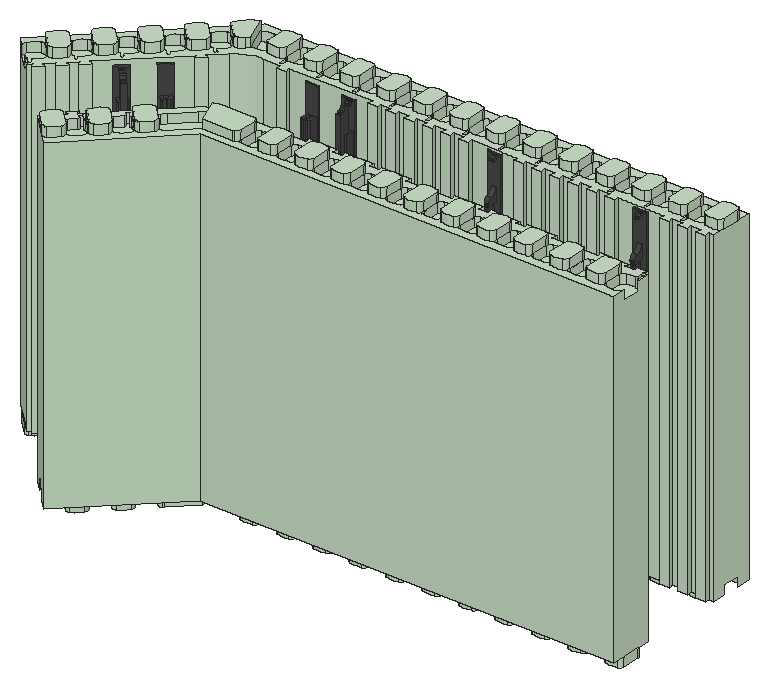
Revit family "ICF- NUDURA 4-inch- 45 Degree Form Unit- Imperial", category Generic Models, Revit 2011 (continued)
Definition of nested family "NUDURA Logo Diamond"
  Lines and regions (in)
    model lines
      curve 82: line (12.17421, 0, 1.28388) -> (12.52777, 0, 0.93033)
      curve 83: line (11.46711, 0, 0.93033) -> (11.82066, 0, 1.28388)
      curve 84: arc (11.3964, 0, 0.50607) -> (11.29388, 0, 0.75355) -> (11.3964, 0, 1.00104) r 0.35
      curve 85: arc (11.74995, 0, 0.15251) -> (11.99744, 0, 0.05) -> (12.24492, 0, 0.15251) r 0.35
      curve 86: arc (11.46711, 0, 0.57678) -> (11.39388, 0, 0.75355) -> (11.46711, 0, 0.93033) r 0.25
      curve 87: arc (12.52777, 0, 0.57678) -> (12.60099, 0, 0.75355) -> (12.52777, 0, 0.93033) r 0.25
      curve 88: arc (12.17421, 0, 1.28388) -> (11.99744, 0, 1.35711) -> (11.82066, 0, 1.28388) r 0.25
      curve 89: arc (11.82066, 0, 0.22322) -> (11.99744, 0, 0.15) -> (12.17421, 0, 0.22322) r 0.25
      curve 90: arc (12.59848, 0, 0.50607) -> (12.70099, 0, 0.75355) -> (12.59848, 0, 1.00104) r 0.35
      curve 91: arc (11.63374, 0, 1.23839) -> (11.74358, 0, 1.50355) -> (11.63374, 0, 1.76872) r 0.375
      curve 92: arc (12.36113, 0, 1.23839) -> (12.2513, 0, 1.50355) -> (12.36113, 0, 1.76872) r 0.375
      curve 93: line (12.36113, 0, 2.73839) -> (12.59848, 0, 2.50104)
      curve 94: line (11.3964, 0, 2.50104) -> (11.63374, 0, 2.73839)
      curve 95: line (11.82066, 0, 1.72322) -> (11.46711, 0, 2.07678)
      curve 96: line (12.52777, 0, 2.07678) -> (12.17421, 0, 1.72322)
      curve 97: line (12.17421, 0, 2.78388) -> (12.52777, 0, 2.43033)
      curve 98: line (11.46711, 0, 2.43033) -> (11.82066, 0, 2.78388)
      curve 99: arc (11.3964, 0, 2.00607) -> (11.29388, 0, 2.25355) -> (11.3964, 0, 2.50104) r 0.35
      curve 100: arc (11.46711, 0, 2.07678) -> (11.39388, 0, 2.25355) -> (11.46711, 0, 2.43033) r 0.25
      curve 101: arc (12.52777, 0, 2.07678) -> (12.60099, 0, 2.25355) -> (12.52777, 0, 2.43033) r 0.25
      curve 102: arc (12.17421, 0, 2.78388) -> (11.99744, 0, 2.85711) -> (11.82066, 0, 2.78388) r 0.25
      curve 103: arc (11.82066, 0, 1.72322) -> (11.99744, 0, 1.65) -> (12.17421, 0, 1.72322) r 0.25
      curve 104: arc (12.59848, 0, 2.00607) -> (12.70099, 0, 2.25355) -> (12.59848, 0, 2.50104) r 0.35
      curve 105: line (11.63374, 0, 1.76872) -> (11.3964, 0, 2.00607)
      curve 106: line (12.59848, 0, 2.00607) -> (12.36113, 0, 1.76872)
      curve 107: arc (11.63374, 0, 2.73839) -> (11.74358, 0, 3.00355) -> (11.63374, 0, 3.26872) r 0.375
      curve 108: arc (12.36113, 0, 2.73839) -> (12.2513, 0, 3.00355) -> (12.36113, 0, 3.26872) r 0.375
      curve 109: line (12.36113, 0, 4.23839) -> (12.59848, 0, 4.00104)
      curve 110: line (11.3964, 0, 4.00104) -> (11.63374, 0, 4.23839)
      curve 111: line (11.82066, 0, 3.22322) -> (11.46711, 0, 3.57678)
      curve 112: line (12.52777, 0, 3.57678) -> (12.17421, 0, 3.22322)
      curve 113: line (12.17421, 0, 4.28388) -> (12.52777, 0, 3.93033)
      curve 114: line (11.46711, 0, 3.93033) -> (11.82066, 0, 4.28388)
      curve 115: arc (11.3964, 0, 3.50607) -> (11.29388, 0, 3.75355) -> (11.3964, 0, 4.00104) r 0.35
      curve 116: arc (11.46711, 0, 3.57678) -> (11.39388, 0, 3.75355) -> (11.46711, 0, 3.93033) r 0.25
      curve 117: arc (12.52777, 0, 3.57678) -> (12.60099, 0, 3.75355) -> (12.52777, 0, 3.93033) r 0.25
      curve 118: arc (12.17421, 0, 4.28388) -> (11.99744, 0, 4.35711) -> (11.82066, 0, 4.28388) r 0.25
      curve 119: arc (11.82066, 0, 3.22322) -> (11.99744, 0, 3.15) -> (12.17421, 0, 3.22322) r 0.25
      curve 120: arc (12.59848, 0, 3.50607) -> (12.70099, 0, 3.75355) -> (12.59848, 0, 4.00104) r 0.35
      curve 121: line (11.63374, 0, 3.26872) -> (11.3964, 0, 3.50607)
      curve 122: arc (11.63374, 0, 4.23839) -> (11.74358, 0, 4.50355) -> (11.63374, 0, 4.76872) r 0.375
      curve 123: arc (12.36113, 0, 4.23839) -> (12.2513, 0, 4.50355) -> (12.36113, 0, 4.76872) r 0.375
      curve 124: line (12.78279, 0, 5.19038) -> (12.36113, 0, 4.76872)
      curve 125: line (11.21208, 0, 5.19038) -> (11.28279, 0, 5.26109)
      curve 126: arc (11.82066, 0, 4.72322) -> (11.99744, 0, 4.65) -> (12.17421, 0, 4.72322) r 0.25
      curve 127: line (12.37244, 0, 12.50355) -> (11.62244, 0, 12.50355)
      curve 128: line (12.74744, 0, 5.87855) -> (12.74744, 0, 12.12855)
      curve 129: line (11.24744, 0, 12.12855) -> (11.24744, 0, 5.87855)
      curve 130: line (11.62244, 0, 5.50355) -> (12.37244, 0, 5.50355)
      curve 131: line (12.47232, 0, 12.00355) -> (12.0393, 0, 12.25355)
      curve 132: line (12.47232, 0, 11.50355) -> (12.47232, 0, 12.00355)
      curve 133: line (12.25581, 0, 11.37855) -> (12.47232, 0, 11.50355)
      curve 134: line (12.02256, 0, 11.51322) -> (12.25581, 0, 11.37855)
      curve 135: line (12.22232, 0, 11.62855) -> (12.02256, 0, 11.51322)
      curve 136: line (11.80605, 0, 12.11888) -> (12.22232, 0, 11.87855)
      curve 137: line (12.22232, 0, 11.87855) -> (12.22232, 0, 11.62855)
      curve 138: line (12.0393, 0, 12.25355) -> (11.80605, 0, 12.11888)
      curve 139: line (11.77256, 0, 11.63822) -> (11.97232, 0, 11.75355)
      curve 140: line (11.97232, 0, 11.75355) -> (11.73906, 0, 11.88822)
      curve 141: line (11.73906, 0, 11.88822) -> (11.52256, 0, 11.76322)
      curve 142: line (11.52256, 0, 11.76322) -> (11.52256, 0, 11.26322)
      curve 143: line (11.77256, 0, 11.38822) -> (11.77256, 0, 11.63822)
      curve 144: line (12.18882, 0, 11.14789) -> (11.77256, 0, 11.38822)
      curve 145: line (11.95557, 0, 11.01322) -> (12.18882, 0, 11.14789)
      curve 146: line (11.52256, 0, 11.26322) -> (11.95557, 0, 11.01322)
      curve 147: line (12.31108, 0, 10.60411) -> (11.68379, 0, 10.74458)
      curve 148: line (11.68379, 0, 10.74458) -> (11.68379, 0, 10.51321)
      curve 149: line (11.68379, 0, 10.51321) -> (12.1295, 0, 10.41405)
      curve 150: line (12.1295, 0, 10.41405) -> (11.68379, 0, 10.27358)
      curve 151: line (11.68379, 0, 10.27358) -> (11.68379, 0, 9.8852)
      curve 152: line (11.68379, 0, 9.8852) -> (12.17077, 0, 9.77615)
      curve 153: line (12.17077, 0, 9.77615) -> (12.17077, 0, 9.74472)
      curve 154: line (12.17077, 0, 9.74472) -> (11.86146, 0, 9.80279)
      curve 155: line (11.68379, 0, 9.65536) -> (11.68379, 0, 9.35864)
      curve 156: line (12.07077, 0, 8.74385) -> (12.07077, 0, 8.99996)
      curve 157: line (12.07077, 0, 8.99996) -> (11.68379, 0, 9.08605)
      curve 158: line (11.68379, 0, 9.08605) -> (11.68379, 0, 8.47809)
      curve 159: line (11.91823, 0, 9.06589) -> (12.31108, 0, 8.97792)
      curve 160: line (11.82444, 0, 8.55476) -> (11.82444, 0, 8.79865)
      curve 161: line (11.82444, 0, 8.79865) -> (12.07077, 0, 8.74385)
      curve 162: line (11.68379, 0, 8.07193) -> (11.68379, 0, 7.77522)
      curve 163: line (11.91823, 0, 7.48247) -> (12.21108, 0, 7.41688)
      curve 164: line (12.21108, 0, 7.41688) -> (12.21108, 0, 6.95405)
      curve 165: line (12.16108, 0, 6.90405) -> (12.12077, 0, 6.90405)
      curve 166: line (12.07077, 0, 6.95405) -> (12.07077, 0, 7.08675)
      curve 167: line (12.07077, 0, 7.08675) -> (12.12077, 0, 7.07556)
      curve 168: line (12.12077, 0, 7.07556) -> (12.12077, 0, 7.33463)
      curve 169: line (12.12077, 0, 7.33463) -> (11.68379, 0, 7.43249)
      curve 170: line (11.68379, 0, 7.43249) -> (11.68379, 0, 7.17341)
      curve 171: line (11.68379, 0, 7.17341) -> (11.97077, 0, 7.10915)
      curve 172: line (11.97077, 0, 7.10915) -> (11.97077, 0, 6.99425)
      curve 173: line (11.92077, 0, 6.94425) -> (11.68379, 0, 6.94425)
      curve 174: line (11.68379, 0, 6.94425) -> (11.68379, 0, 6.45682)
      curve 175: line (11.68379, 0, 6.45682) -> (11.78284, 0, 6.38658)
      curve 176: line (11.78284, 0, 6.38658) -> (11.78284, 0, 6.05178)
      curve 177: line (12.12371, 0, 6.14486) -> (11.88284, 0, 6.31567)
      curve 178: line (11.88284, 0, 6.31567) -> (11.88284, 0, 6.07909)
      curve 179: line (11.88284, 0, 6.07909) -> (12.12371, 0, 6.14486)
      curve 180: line (11.78284, 0, 6.05178) -> (11.68379, 0, 6.02474)
      curve 181: line (11.68379, 0, 6.02474) -> (11.68379, 0, 5.75355)
      curve 182: line (11.68379, 0, 5.75355) -> (12.31108, 0, 5.92483)
      curve 183: line (12.31108, 0, 5.92483) -> (12.31108, 0, 6.28791)
      curve 184: line (12.31108, 0, 6.28791) -> (11.76249, 0, 6.67694)
      curve 185: line (11.76249, 0, 6.67694) -> (11.90321, 0, 6.67694)
      curve 186: line (12.31108, 0, 6.78674) -> (12.31108, 0, 7.63562)
      curve 187: line (12.31108, 0, 7.63562) -> (11.90258, 0, 7.7271)
      curve 188: line (11.82444, 0, 7.82469) -> (11.82444, 0, 7.92839)
      curve 189: line (11.88536, 0, 7.97718) -> (12.31108, 0, 7.88185)
      curve 190: line (12.31108, 0, 7.88185) -> (12.31108, 0, 8.13496)
      curve 191: line (12.31108, 0, 8.13496) -> (12.08042, 0, 8.17826)
      curve 192: line (12.31108, 0, 8.38353) -> (12.31108, 0, 8.9465)
      curve 193: line (12.31108, 0, 8.9465) -> (12.17077, 0, 8.97771)
      curve 194: line (12.17077, 0, 8.97771) -> (12.17077, 0, 8.55476)
      curve 195: line (12.31108, 0, 8.97792) -> (12.31108, 0, 9.21905)
      curve 196: line (12.31108, 0, 9.21905) -> (11.90258, 0, 9.31053)
      curve 197: line (11.82444, 0, 9.40811) -> (11.82444, 0, 9.51182)
      curve 198: line (11.87938, 0, 9.56195) -> (12.31108, 0, 9.46528)
      curve 199: line (12.31108, 0, 9.46528) -> (12.31108, 0, 9.98469)
      curve 200: line (12.31108, 0, 9.98469) -> (11.90664, 0, 10.07526)
      curve 201: line (11.90664, 0, 10.07526) -> (12.31108, 0, 10.20747)
      curve 202: line (12.31108, 0, 10.20747) -> (12.31108, 0, 10.60411)
      curve 203: arc (11.68379, 0, 9.65536) -> (11.73801, 0, 9.7708) -> (11.86146, 0, 9.80279) r 0.15
      curve 204: arc (11.68379, 0, 9.35864) -> (11.74962, 0, 9.17112) -> (11.91823, 0, 9.06589) r 0.3
      curve 205: arc (11.84417, 0, 8.22149) -> (11.72718, 0, 8.32679) -> (11.68379, 0, 8.47809) r 0.28547
      curve 206: arc (11.68379, 0, 8.07193) -> (11.73147, 0, 8.18158) -> (11.84417, 0, 8.22149) r 0.14992
      curve 207: arc (11.68379, 0, 7.77522) -> (11.74962, 0, 7.58769) -> (11.91823, 0, 7.48247) r 0.3
      curve 208: arc (11.82444, 0, 7.82469) -> (11.84638, 0, 7.76218) -> (11.90258, 0, 7.7271) r 0.1
      curve 209: arc (11.82444, 0, 7.92839) -> (11.84318, 0, 7.96742) -> (11.88536, 0, 7.97718) r 0.05
      curve 210: arc (12.12077, 0, 6.90405) -> (12.08541, 0, 6.91869) -> (12.07077, 0, 6.95405) r 0.05
      curve 211: arc (12.16108, 0, 6.90405) -> (12.19644, 0, 6.91869) -> (12.21108, 0, 6.95405) r 0.05
      curve 212: arc (11.97077, 0, 6.99425) -> (11.95612, 0, 6.95889) -> (11.92077, 0, 6.94425) r 0.05
      curve 213: arc (11.90321, 0, 6.67694) -> (11.96756, 0, 6.70069) -> (12.00104, 0, 6.76055) r 0.09904
      curve 214: arc (12.00104, 0, 6.76055) -> (12.1681, 0, 6.63117) -> (12.31108, 0, 6.78674) r 0.15613
      curve 215: arc (12.08042, 0, 8.17826) -> (12.24181, 0, 8.22914) -> (12.31108, 0, 8.38353) r 0.20667
      curve 216: arc (11.82444, 0, 8.55476) -> (11.9976, 0, 8.3816) -> (12.17077, 0, 8.55476) r 0.17317
      curve 217: arc (11.82444, 0, 9.40811) -> (11.84638, 0, 9.34561) -> (11.90258, 0, 9.31053) r 0.1
      curve 218: arc (11.82444, 0, 9.51182) -> (11.8459, 0, 9.55306) -> (11.892, 0, 9.55913) r 0.05034
      curve 219: arc (11.24744, 0, 12.12855) -> (11.35727, 0, 12.39372) -> (11.62244, 0, 12.50355) r 0.375
      curve 220: arc (12.37244, 0, 12.50355) -> (12.6376, 0, 12.39372) -> (12.74744, 0, 12.12855) r 0.375
      curve 221: arc (11.24744, 0, 5.87855) -> (11.35727, 0, 5.61339) -> (11.62244, 0, 5.50355) r 0.375
      curve 222: arc (12.37244, 0, 5.50355) -> (12.6376, 0, 5.61339) -> (12.74744, 0, 5.87855) r 0.375
      curve 223: line (9.99744, 0, 18) -> (9.99744, 0, 0)
      curve 224: line (13.99744, 0, 18) -> (13.99744, 0, 0)
      curve 225: line (15.99744, 0, 18) -> (15.99744, 0, 0)
Definition of nested family "NUDURA Diamond Pattern Missing Two Lines"
  Reference planes (in)
    plane 1 "Center (Front/Back)": y = 0
    plane 2: z = 0
    plane 3 "Center (Left/Right)": x = 0
    plane 4: z = 18
  Lines and regions (in)
    model lines
      curve 1: line (2, -5.625, 18) -> (2, -5.625, 0)
      curve 2: line (3.35367, -5.625, 16.98484) -> (3.69709, -5.625, 16.64142)
      curve 3: arc (3.35367, -5.625, 17.51517) -> (3.24384, -5.625, 17.25) -> (3.35367, -5.625, 16.98484) r 0.375
      curve 4: line (3.72867, -5.625, 17.89017) -> (3.35367, -5.625, 17.51517)
      curve 5: arc (4.259, -5.625, 17.89017) -> (3.99384, -5.625, 18) -> (3.72867, -5.625, 17.89017) r 0.375
      curve 6: line (4.634, -5.625, 17.51517) -> (4.259, -5.625, 17.89017)
      curve 7: arc (4.634, -5.625, 16.98484) -> (4.74384, -5.625, 17.25) -> (4.634, -5.625, 17.51517) r 0.375
      curve 8: line (4.29059, -5.625, 16.64142) -> (4.634, -5.625, 16.98484)
      curve 9: arc (4.17062, -5.625, 17.80178) -> (3.99384, -5.625, 17.875) -> (3.81706, -5.625, 17.80178) r 0.25
      curve 10: line (4.54562, -5.625, 17.42678) -> (4.17062, -5.625, 17.80178)
      curve 11: arc (4.54562, -5.625, 17.07322) -> (4.61884, -5.625, 17.25) -> (4.54562, -5.625, 17.42678) r 0.25
      curve 12: line (4.17062, -5.625, 16.69822) -> (4.54562, -5.625, 17.07322)
      curve 13: arc (3.81706, -5.625, 16.69822) -> (3.99384, -5.625, 16.625) -> (4.17062, -5.625, 16.69822) r 0.25
      curve 14: line (3.44206, -5.625, 17.07322) -> (3.81706, -5.625, 16.69822)
      curve 15: arc (3.44206, -5.625, 17.42678) -> (3.36884, -5.625, 17.25) -> (3.44206, -5.625, 17.07322) r 0.25
      curve 16: line (3.81706, -5.625, 17.80178) -> (3.44206, -5.625, 17.42678)
      curve 17: arc (3.69709, -5.625, 16.35858) -> (3.75567, -5.625, 16.5) -> (3.69709, -5.625, 16.64142) r 0.2
      curve 18: line (4.634, -5.625, 16.01517) -> (4.29059, -5.625, 16.35858)
      curve 19: arc (4.634, -5.625, 15.48484) -> (4.74384, -5.625, 15.75) -> (4.634, -5.625, 16.01517) r 0.375
      curve 20: line (4.29059, -5.625, 15.14142) -> (4.634, -5.625, 15.48484)
      curve 21: line (3.35367, -5.625, 15.48484) -> (3.69709, -5.625, 15.14142)
      curve 22: arc (3.35367, -5.625, 16.01517) -> (3.24384, -5.625, 15.75) -> (3.35367, -5.625, 15.48484) r 0.375
      curve 23: line (3.69709, -5.625, 16.35858) -> (3.35367, -5.625, 16.01517)
      curve 24: arc (4.17062, -5.625, 16.30178) -> (3.99384, -5.625, 16.375) -> (3.81706, -5.625, 16.30178) r 0.25
      curve 25: line (3.81706, -5.625, 16.30178) -> (3.44206, -5.625, 15.92678)
      curve 26: arc (3.44206, -5.625, 15.92678) -> (3.36884, -5.625, 15.75) -> (3.44206, -5.625, 15.57322) r 0.25
      curve 27: line (3.44206, -5.625, 15.57322) -> (3.81706, -5.625, 15.19822)
      curve 28: arc (3.81706, -5.625, 15.19822) -> (3.99384, -5.625, 15.125) -> (4.17062, -5.625, 15.19822) r 0.25
      curve 29: line (4.17062, -5.625, 15.19822) -> (4.54562, -5.625, 15.57322)
      curve 30: arc (4.54562, -5.625, 15.57322) -> (4.61884, -5.625, 15.75) -> (4.54562, -5.625, 15.92678) r 0.25
      curve 31: line (4.54562, -5.625, 15.92678) -> (4.17062, -5.625, 16.30178)
      curve 32: arc (3.69709, -5.625, 14.85858) -> (3.75567, -5.625, 15) -> (3.69709, -5.625, 15.14142) r 0.2
      curve 33: line (4.634, -5.625, 14.51517) -> (4.29059, -5.625, 14.85858)
      curve 34: arc (4.634, -5.625, 13.98484) -> (4.74384, -5.625, 14.25) -> (4.634, -5.625, 14.51517) r 0.375
      curve 35: line (4.29059, -5.625, 13.64142) -> (4.634, -5.625, 13.98484)
      curve 36: line (3.35367, -5.625, 13.98484) -> (3.69709, -5.625, 13.64142)
      curve 37: arc (3.35367, -5.625, 14.51517) -> (3.24384, -5.625, 14.25) -> (3.35367, -5.625, 13.98484) r 0.375
      curve 38: line (3.69709, -5.625, 14.85858) -> (3.35367, -5.625, 14.51517)
      curve 39: arc (4.17062, -5.625, 14.80178) -> (3.99384, -5.625, 14.875) -> (3.81706, -5.625, 14.80178) r 0.25
      curve 40: line (3.81706, -5.625, 14.80178) -> (3.44206, -5.625, 14.42678)
      curve 41: arc (3.44206, -5.625, 14.42678) -> (3.36884, -5.625, 14.25) -> (3.44206, -5.625, 14.07322) r 0.25
      curve 42: line (3.44206, -5.625, 14.07322) -> (3.81706, -5.625, 13.69822)
      curve 43: arc (3.81706, -5.625, 13.69822) -> (3.99384, -5.625, 13.625) -> (4.17062, -5.625, 13.69822) r 0.25
      curve 44: line (4.17062, -5.625, 13.69822) -> (4.54562, -5.625, 14.07322)
      curve 45: arc (4.54562, -5.625, 14.07322) -> (4.61884, -5.625, 14.25) -> (4.54562, -5.625, 14.42678) r 0.25
      curve 46: line (4.54562, -5.625, 14.42678) -> (4.17062, -5.625, 14.80178)
      curve 47: arc (3.69709, -5.625, 13.35858) -> (3.75567, -5.625, 13.5) -> (3.69709, -5.625, 13.64142) r 0.2
      curve 48: line (4.634, -5.625, 13.01517) -> (4.29059, -5.625, 13.35858)
      curve 49: arc (4.634, -5.625, 12.48484) -> (4.74384, -5.625, 12.75) -> (4.634, -5.625, 13.01517) r 0.375
      curve 50: line (4.29059, -5.625, 12.14142) -> (4.634, -5.625, 12.48484)
      curve 51: line (3.35367, -5.625, 12.48484) -> (3.69709, -5.625, 12.14142)
      curve 52: arc (3.35367, -5.625, 13.01517) -> (3.24384, -5.625, 12.75) -> (3.35367, -5.625, 12.48484) r 0.375
      curve 53: line (3.69709, -5.625, 13.35858) -> (3.35367, -5.625, 13.01517)
      curve 54: arc (4.17062, -5.625, 13.30178) -> (3.99384, -5.625, 13.375) -> (3.81706, -5.625, 13.30178) r 0.25
      curve 55: line (3.81706, -5.625, 13.30178) -> (3.44206, -5.625, 12.92678)
      curve 56: arc (3.44206, -5.625, 12.92678) -> (3.36884, -5.625, 12.75) -> (3.44206, -5.625, 12.57322) r 0.25
      curve 57: line (3.44206, -5.625, 12.57322) -> (3.81706, -5.625, 12.19822)
      curve 58: arc (3.81706, -5.625, 12.19822) -> (3.99384, -5.625, 12.125) -> (4.17062, -5.625, 12.19822) r 0.25
      curve 59: line (4.17062, -5.625, 12.19822) -> (4.54562, -5.625, 12.57322)
      curve 60: arc (4.54562, -5.625, 12.57322) -> (4.61884, -5.625, 12.75) -> (4.54562, -5.625, 12.92678) r 0.25
      curve 61: line (4.54562, -5.625, 12.92678) -> (4.17062, -5.625, 13.30178)
      curve 62: arc (3.69709, -5.625, 11.85858) -> (3.75567, -5.625, 12) -> (3.69709, -5.625, 12.14142) r 0.2
      curve 63: line (4.634, -5.625, 11.51517) -> (4.29059, -5.625, 11.85858)
      curve 64: arc (4.634, -5.625, 10.98484) -> (4.74384, -5.625, 11.25) -> (4.634, -5.625, 11.51517) r 0.375
      curve 65: line (4.29059, -5.625, 10.64142) -> (4.634, -5.625, 10.98484)
      curve 66: line (3.35367, -5.625, 10.98484) -> (3.69709, -5.625, 10.64142)
      curve 67: arc (3.35367, -5.625, 11.51517) -> (3.24384, -5.625, 11.25) -> (3.35367, -5.625, 10.98484) r 0.375
      curve 68: line (3.69709, -5.625, 11.85858) -> (3.35367, -5.625, 11.51517)
      curve 69: arc (4.17062, -5.625, 11.80178) -> (3.99384, -5.625, 11.875) -> (3.81706, -5.625, 11.80178) r 0.25
      curve 70: line (3.81706, -5.625, 11.80178) -> (3.44206, -5.625, 11.42678)
      curve 71: arc (3.44206, -5.625, 11.42678) -> (3.36884, -5.625, 11.25) -> (3.44206, -5.625, 11.07322) r 0.25
      curve 72: line (3.44206, -5.625, 11.07322) -> (3.81706, -5.625, 10.69822)
      curve 73: arc (3.81706, -5.625, 10.69822) -> (3.99384, -5.625, 10.625) -> (4.17062, -5.625, 10.69822) r 0.25
      curve 74: line (4.17062, -5.625, 10.69822) -> (4.54562, -5.625, 11.07322)
      curve 75: arc (4.54562, -5.625, 11.07322) -> (4.61884, -5.625, 11.25) -> (4.54562, -5.625, 11.42678) r 0.25
      curve 76: line (4.54562, -5.625, 11.42678) -> (4.17062, -5.625, 11.80178)
      curve 77: arc (3.69709, -5.625, 10.35858) -> (3.75567, -5.625, 10.5) -> (3.69709, -5.625, 10.64142) r 0.2
      curve 78: line (4.634, -5.625, 10.01517) -> (4.29059, -5.625, 10.35858)
      curve 79: arc (4.634, -5.625, 9.48484) -> (4.74384, -5.625, 9.75) -> (4.634, -5.625, 10.01517) r 0.375
      curve 80: line (4.29059, -5.625, 9.14142) -> (4.634, -5.625, 9.48484)
      curve 81: line (3.35367, -5.625, 9.48484) -> (3.69709, -5.625, 9.14142)
      curve 82: arc (3.35367, -5.625, 10.01517) -> (3.24384, -5.625, 9.75) -> (3.35367, -5.625, 9.48484) r 0.375
      curve 83: line (3.69709, -5.625, 10.35858) -> (3.35367, -5.625, 10.01517)
      curve 84: arc (4.17062, -5.625, 10.30178) -> (3.99384, -5.625, 10.375) -> (3.81706, -5.625, 10.30178) r 0.25
      curve 85: line (3.81706, -5.625, 10.30178) -> (3.44206, -5.625, 9.92678)
      curve 86: arc (3.44206, -5.625, 9.92678) -> (3.36884, -5.625, 9.75) -> (3.44206, -5.625, 9.57322) r 0.25
      curve 87: line (3.44206, -5.625, 9.57322) -> (3.81706, -5.625, 9.19822)
      curve 88: arc (3.81706, -5.625, 9.19822) -> (3.99384, -5.625, 9.125) -> (4.17062, -5.625, 9.19822) r 0.25
      curve 89: line (4.17062, -5.625, 9.19822) -> (4.54562, -5.625, 9.57322)
      curve 90: arc (4.54562, -5.625, 9.57322) -> (4.61884, -5.625, 9.75) -> (4.54562, -5.625, 9.92678) r 0.25
      curve 91: line (4.54562, -5.625, 9.92678) -> (4.17062, -5.625, 10.30178)
      curve 92: arc (3.69709, -5.625, 8.85858) -> (3.75567, -5.625, 9) -> (3.69709, -5.625, 9.14142) r 0.2
      curve 93: line (4.634, -5.625, 8.51517) -> (4.29059, -5.625, 8.85858)
      curve 94: arc (4.634, -5.625, 7.98484) -> (4.74384, -5.625, 8.25) -> (4.634, -5.625, 8.51517) r 0.375
      curve 95: line (4.29059, -5.625, 7.64142) -> (4.634, -5.625, 7.98484)
      curve 96: line (3.35367, -5.625, 7.98484) -> (3.69709, -5.625, 7.64142)
      curve 97: arc (3.35367, -5.625, 8.51517) -> (3.24384, -5.625, 8.25) -> (3.35367, -5.625, 7.98484) r 0.375
      curve 98: line (3.69709, -5.625, 8.85858) -> (3.35367, -5.625, 8.51517)
      curve 99: arc (4.17062, -5.625, 8.80178) -> (3.99384, -5.625, 8.875) -> (3.81706, -5.625, 8.80178) r 0.25
      curve 100: line (3.81706, -5.625, 8.80178) -> (3.44206, -5.625, 8.42678)
      curve 101: arc (3.44206, -5.625, 8.42678) -> (3.36884, -5.625, 8.25) -> (3.44206, -5.625, 8.07322) r 0.25
      curve 102: line (3.44206, -5.625, 8.07322) -> (3.81706, -5.625, 7.69822)
      curve 103: arc (3.81706, -5.625, 7.69822) -> (3.99384, -5.625, 7.625) -> (4.17062, -5.625, 7.69822) r 0.25
      curve 104: line (4.17062, -5.625, 7.69822) -> (4.54562, -5.625, 8.07322)
      curve 105: arc (4.54562, -5.625, 8.07322) -> (4.61884, -5.625, 8.25) -> (4.54562, -5.625, 8.42678) r 0.25
      curve 106: line (4.54562, -5.625, 8.42678) -> (4.17062, -5.625, 8.80178)
      curve 107: arc (3.69709, -5.625, 7.35858) -> (3.75567, -5.625, 7.5) -> (3.69709, -5.625, 7.64142) r 0.2
      curve 108: line (4.634, -5.625, 7.01517) -> (4.29059, -5.625, 7.35858)
      curve 109: arc (4.634, -5.625, 6.48484) -> (4.74384, -5.625, 6.75) -> (4.634, -5.625, 7.01517) r 0.375
      curve 110: line (4.29059, -5.625, 6.14142) -> (4.634, -5.625, 6.48484)
      curve 111: line (3.35367, -5.625, 6.48484) -> (3.69709, -5.625, 6.14142)
      curve 112: arc (3.35367, -5.625, 7.01517) -> (3.24384, -5.625, 6.75) -> (3.35367, -5.625, 6.48484) r 0.375
      curve 113: line (3.69709, -5.625, 7.35858) -> (3.35367, -5.625, 7.01517)
      curve 114: arc (4.17062, -5.625, 7.30178) -> (3.99384, -5.625, 7.375) -> (3.81706, -5.625, 7.30178) r 0.25
      curve 115: line (3.81706, -5.625, 7.30178) -> (3.44206, -5.625, 6.92678)
      curve 116: arc (3.44206, -5.625, 6.92678) -> (3.36884, -5.625, 6.75) -> (3.44206, -5.625, 6.57322) r 0.25
      curve 117: line (3.44206, -5.625, 6.57322) -> (3.81706, -5.625, 6.19822)
      curve 118: arc (3.81706, -5.625, 6.19822) -> (3.99384, -5.625, 6.125) -> (4.17062, -5.625, 6.19822) r 0.25
      curve 119: line (4.17062, -5.625, 6.19822) -> (4.54562, -5.625, 6.57322)
      curve 120: arc (4.54562, -5.625, 6.57322) -> (4.61884, -5.625, 6.75) -> (4.54562, -5.625, 6.92678) r 0.25
      curve 121: line (4.54562, -5.625, 6.92678) -> (4.17062, -5.625, 7.30178)
      curve 122: arc (3.69709, -5.625, 5.85858) -> (3.75567, -5.625, 6) -> (3.69709, -5.625, 6.14142) r 0.2
      curve 123: line (4.634, -5.625, 5.51517) -> (4.29059, -5.625, 5.85858)
      curve 124: arc (4.634, -5.625, 4.98484) -> (4.74384, -5.625, 5.25) -> (4.634, -5.625, 5.51517) r 0.375
      curve 125: line (4.29059, -5.625, 4.64142) -> (4.634, -5.625, 4.98484)
      curve 126: line (3.35367, -5.625, 4.98484) -> (3.69709, -5.625, 4.64142)
      curve 127: arc (3.35367, -5.625, 5.51517) -> (3.24384, -5.625, 5.25) -> (3.35367, -5.625, 4.98484) r 0.375
      curve 128: line (3.69709, -5.625, 5.85858) -> (3.35367, -5.625, 5.51517)
      curve 129: arc (4.17062, -5.625, 5.80178) -> (3.99384, -5.625, 5.875) -> (3.81706, -5.625, 5.80178) r 0.25
      curve 130: line (3.81706, -5.625, 5.80178) -> (3.44206, -5.625, 5.42678)
      curve 131: arc (3.44206, -5.625, 5.42678) -> (3.36884, -5.625, 5.25) -> (3.44206, -5.625, 5.07322) r 0.25
      curve 132: line (3.44206, -5.625, 5.07322) -> (3.81706, -5.625, 4.69822)
      curve 133: arc (3.81706, -5.625, 4.69822) -> (3.99384, -5.625, 4.625) -> (4.17062, -5.625, 4.69822) r 0.25
      curve 134: line (4.17062, -5.625, 4.69822) -> (4.54562, -5.625, 5.07322)
      curve 135: arc (4.54562, -5.625, 5.07322) -> (4.61884, -5.625, 5.25) -> (4.54562, -5.625, 5.42678) r 0.25
      curve 136: line (4.54562, -5.625, 5.42678) -> (4.17062, -5.625, 5.80178)
      curve 137: arc (3.69709, -5.625, 4.35858) -> (3.75567, -5.625, 4.5) -> (3.69709, -5.625, 4.64142) r 0.2
      curve 138: line (4.634, -5.625, 4.01517) -> (4.29059, -5.625, 4.35858)
      curve 139: arc (4.634, -5.625, 3.48484) -> (4.74384, -5.625, 3.75) -> (4.634, -5.625, 4.01517) r 0.375
      curve 140: line (4.29059, -5.625, 3.14142) -> (4.634, -5.625, 3.48484)
      curve 141: line (3.35367, -5.625, 3.48484) -> (3.69709, -5.625, 3.14142)
      curve 142: arc (3.35367, -5.625, 4.01517) -> (3.24384, -5.625, 3.75) -> (3.35367, -5.625, 3.48484) r 0.375
      curve 143: line (3.69709, -5.625, 4.35858) -> (3.35367, -5.625, 4.01517)
      curve 144: arc (4.17062, -5.625, 4.30178) -> (3.99384, -5.625, 4.375) -> (3.81706, -5.625, 4.30178) r 0.25
      curve 145: line (3.81706, -5.625, 4.30178) -> (3.44206, -5.625, 3.92678)
      curve 146: arc (3.44206, -5.625, 3.92678) -> (3.36884, -5.625, 3.75) -> (3.44206, -5.625, 3.57322) r 0.25
      curve 147: line (3.44206, -5.625, 3.57322) -> (3.81706, -5.625, 3.19822)
      curve 148: arc (3.81706, -5.625, 3.19822) -> (3.99384, -5.625, 3.125) -> (4.17062, -5.625, 3.19822) r 0.25
      curve 149: line (4.17062, -5.625, 3.19822) -> (4.54562, -5.625, 3.57322)
      curve 150: arc (4.54562, -5.625, 3.57322) -> (4.61884, -5.625, 3.75) -> (4.54562, -5.625, 3.92678) r 0.25
      curve 151: line (4.54562, -5.625, 3.92678) -> (4.17062, -5.625, 4.30178)
      curve 152: arc (3.69709, -5.625, 2.85858) -> (3.75567, -5.625, 3) -> (3.69709, -5.625, 3.14142) r 0.2
      curve 153: line (4.634, -5.625, 2.51517) -> (4.29059, -5.625, 2.85858)
      curve 154: arc (4.634, -5.625, 1.98484) -> (4.74384, -5.625, 2.25) -> (4.634, -5.625, 2.51517) r 0.375
      curve 155: line (4.29059, -5.625, 1.64142) -> (4.634, -5.625, 1.98484)
      curve 156: line (3.35367, -5.625, 1.98484) -> (3.69709, -5.625, 1.64142)
      curve 157: arc (3.35367, -5.625, 2.51517) -> (3.24384, -5.625, 2.25) -> (3.35367, -5.625, 1.98484) r 0.375
      curve 158: line (3.69709, -5.625, 2.85858) -> (3.35367, -5.625, 2.51517)
      curve 159: arc (4.17062, -5.625, 2.80178) -> (3.99384, -5.625, 2.875) -> (3.81706, -5.625, 2.80178) r 0.25
      curve 160: line (3.81706, -5.625, 2.80178) -> (3.44206, -5.625, 2.42678)
      curve 161: arc (3.44206, -5.625, 2.42678) -> (3.36884, -5.625, 2.25) -> (3.44206, -5.625, 2.07322) r 0.25
      curve 162: line (3.44206, -5.625, 2.07322) -> (3.81706, -5.625, 1.69822)
      curve 163: arc (3.81706, -5.625, 1.69822) -> (3.99384, -5.625, 1.625) -> (4.17062, -5.625, 1.69822) r 0.25
      curve 164: line (4.17062, -5.625, 1.69822) -> (4.54562, -5.625, 2.07322)
      curve 165: arc (4.54562, -5.625, 2.07322) -> (4.61884, -5.625, 2.25) -> (4.54562, -5.625, 2.42678) r 0.25
      curve 166: line (4.54562, -5.625, 2.42678) -> (4.17062, -5.625, 2.80178)
      curve 167: arc (3.69709, -5.625, 1.35858) -> (3.75567, -5.625, 1.5) -> (3.69709, -5.625, 1.64142) r 0.2
      curve 168: line (3.69709, -5.625, 1.35858) -> (3.35367, -5.625, 1.01517)
      curve 169: arc (3.35367, -5.625, 1.01517) -> (3.24384, -5.625, 0.75) -> (3.35367, -5.625, 0.48484) r 0.375
      curve 170: line (3.35367, -5.625, 0.48484) -> (3.72867, -5.625, 0.10984)
      curve 171: arc (3.72867, -5.625, 0.10984) -> (3.99384, -5.625, 0) -> (4.259, -5.625, 0.10984) r 0.375
      curve 172: line (4.259, -5.625, 0.10984) -> (4.634, -5.625, 0.48484)
      curve 173: arc (4.634, -5.625, 0.48484) -> (4.74384, -5.625, 0.75) -> (4.634, -5.625, 1.01517) r 0.375
      curve 174: line (4.634, -5.625, 1.01517) -> (4.29059, -5.625, 1.35858)
      curve 175: arc (4.29059, -5.625, 1.64142) -> (4.23201, -5.625, 1.5) -> (4.29059, -5.625, 1.35858) r 0.2
      curve 176: arc (4.17062, -5.625, 1.30178) -> (3.99384, -5.625, 1.375) -> (3.81706, -5.625, 1.30178) r 0.25
      curve 177: line (4.54562, -5.625, 0.92678) -> (4.17062, -5.625, 1.30178)
      curve 178: arc (4.54562, -5.625, 0.57322) -> (4.61884, -5.625, 0.75) -> (4.54562, -5.625, 0.92678) r 0.25
      curve 179: line (4.17062, -5.625, 0.19822) -> (4.54562, -5.625, 0.57322)
      curve 180: arc (3.81706, -5.625, 0.19822) -> (3.99384, -5.625, 0.125) -> (4.17062, -5.625, 0.19822) r 0.25
      curve 181: line (3.44206, -5.625, 0.57322) -> (3.81706, -5.625, 0.19822)
      curve 182: arc (3.44206, -5.625, 0.92678) -> (3.36884, -5.625, 0.75) -> (3.44206, -5.625, 0.57322) r 0.25
      curve 183: line (3.81706, -5.625, 1.30178) -> (3.44206, -5.625, 0.92678)
      curve 184: arc (4.29059, -5.625, 3.14142) -> (4.23201, -5.625, 3) -> (4.29059, -5.625, 2.85858) r 0.2
      curve 185: arc (4.29059, -5.625, 4.64142) -> (4.23201, -5.625, 4.5) -> (4.29059, -5.625, 4.35858) r 0.2
      curve 186: arc (4.29059, -5.625, 6.14142) -> (4.23201, -5.625, 6) -> (4.29059, -5.625, 5.85858) r 0.2
      curve 187: arc (4.29059, -5.625, 7.64142) -> (4.23201, -5.625, 7.5) -> (4.29059, -5.625, 7.35858) r 0.2
      curve 188: arc (4.29059, -5.625, 9.14142) -> (4.23201, -5.625, 9) -> (4.29059, -5.625, 8.85858) r 0.2
      curve 189: arc (4.29059, -5.625, 10.64142) -> (4.23201, -5.625, 10.5) -> (4.29059, -5.625, 10.35858) r 0.2
      curve 190: arc (4.29059, -5.625, 12.14142) -> (4.23201, -5.625, 12) -> (4.29059, -5.625, 11.85858) r 0.2
      curve 191: arc (4.29059, -5.625, 13.64142) -> (4.23201, -5.625, 13.5) -> (4.29059, -5.625, 13.35858) r 0.2
      curve 192: arc (4.29059, -5.625, 15.14142) -> (4.23201, -5.625, 15) -> (4.29059, -5.625, 14.85858) r 0.2
      curve 193: arc (4.29059, -5.625, 16.64142) -> (4.23201, -5.625, 16.5) -> (4.29059, -5.625, 16.35858) r 0.2
Definition of nested family "NUDURA Logo Diamond with No Outside Lines"
  Reference planes (in)
    plane 1 "Center (Front/Back)": y = 0
    plane 2: z = 0
    plane 3 "Center (Left/Right)": x = 0
  Lines and regions (in)
    model lines
      curve 1: line (12.59848, 0, 17.50104) -> (12.24492, 0, 17.85459)
      curve 2: line (12.36113, 0, 16.76872) -> (12.59848, 0, 17.00607)
      curve 3: line (12.59848, 0, 16.00104) -> (12.36113, 0, 16.23839)
      curve 4: line (12.36113, 0, 15.26872) -> (12.59848, 0, 15.50607)
      curve 5: line (12.59848, 0, 14.50104) -> (12.36113, 0, 14.73839)
      curve 6: line (12.36113, 0, 13.76872) -> (12.59848, 0, 14.00607)
      curve 7: line (12.17421, 0, 13.28388) -> (12.71208, 0, 12.74602)
      curve 8: line (12.71208, 0, 12.74602) -> (12.78279, 0, 12.81673)
      curve 9: line (11.28279, 0, 12.74602) -> (11.82066, 0, 13.28388)
      curve 10: line (11.63374, 0, 13.23839) -> (11.21208, 0, 12.81673)
      curve 11: line (11.3964, 0, 14.00607) -> (11.63374, 0, 13.76872)
      curve 12: line (11.63374, 0, 14.73839) -> (11.3964, 0, 14.50104)
      curve 13: line (11.3964, 0, 15.50607) -> (11.63374, 0, 15.26872)
      curve 14: line (11.63374, 0, 16.23839) -> (11.3964, 0, 16.00104)
      curve 15: line (11.3964, 0, 17.00607) -> (11.63374, 0, 16.76872)
      curve 16: line (11.74995, 0, 17.85459) -> (11.3964, 0, 17.50104)
      curve 17: line (11.82066, 0, 17.78388) -> (11.46711, 0, 17.43033)
      curve 18: line (12.52777, 0, 17.43033) -> (12.17421, 0, 17.78388)
      curve 19: line (12.17421, 0, 16.72322) -> (12.52777, 0, 17.07678)
      curve 20: line (11.46711, 0, 17.07678) -> (11.82066, 0, 16.72322)
      curve 21: arc (11.3964, 0, 17.50104) -> (11.29388, 0, 17.25355) -> (11.3964, 0, 17.00607) r 0.35
      curve 22: arc (11.74995, 0, 17.85459) -> (11.99744, 0, 17.95711) -> (12.24492, 0, 17.85459) r 0.35
      curve 23: arc (11.46711, 0, 17.43033) -> (11.39388, 0, 17.25355) -> (11.46711, 0, 17.07678) r 0.25
      curve 24: arc (12.52777, 0, 17.43033) -> (12.60099, 0, 17.25355) -> (12.52777, 0, 17.07678) r 0.25
      curve 25: arc (12.17421, 0, 16.72322) -> (11.99744, 0, 16.65) -> (11.82066, 0, 16.72322) r 0.25
      curve 26: arc (11.82066, 0, 17.78388) -> (11.99744, 0, 17.85711) -> (12.17421, 0, 17.78388) r 0.25
      curve 27: arc (12.59848, 0, 17.50104) -> (12.70099, 0, 17.25355) -> (12.59848, 0, 17.00607) r 0.35
      curve 28: arc (11.63374, 0, 16.76872) -> (11.74358, 0, 16.50355) -> (11.63374, 0, 16.23839) r 0.375
      curve 29: arc (12.36113, 0, 16.76872) -> (12.2513, 0, 16.50355) -> (12.36113, 0, 16.23839) r 0.375
      curve 30: line (12.36113, 0, 15.26872) -> (12.59848, 0, 15.50607)
      curve 31: line (11.3964, 0, 15.50607) -> (11.63374, 0, 15.26872)
      curve 32: line (11.82066, 0, 16.28388) -> (11.46711, 0, 15.93033)
      curve 33: line (12.52777, 0, 15.93033) -> (12.17421, 0, 16.28388)
      curve 34: line (12.17421, 0, 15.22322) -> (12.52777, 0, 15.57678)
      curve 35: line (11.46711, 0, 15.57678) -> (11.82066, 0, 15.22322)
      curve 36: arc (11.3964, 0, 16.00104) -> (11.29388, 0, 15.75355) -> (11.3964, 0, 15.50607) r 0.35
      curve 37: arc (11.46711, 0, 15.93033) -> (11.39388, 0, 15.75355) -> (11.46711, 0, 15.57678) r 0.25
      curve 38: arc (12.52777, 0, 15.93033) -> (12.60099, 0, 15.75355) -> (12.52777, 0, 15.57678) r 0.25
      curve 39: arc (12.17421, 0, 15.22322) -> (11.99744, 0, 15.15) -> (11.82066, 0, 15.22322) r 0.25
      curve 40: arc (11.82066, 0, 16.28388) -> (11.99744, 0, 16.35711) -> (12.17421, 0, 16.28388) r 0.25
      curve 41: arc (12.59848, 0, 16.00104) -> (12.70099, 0, 15.75355) -> (12.59848, 0, 15.50607) r 0.35
      curve 42: line (11.63374, 0, 16.23839) -> (11.3964, 0, 16.00104)
      curve 43: line (12.59848, 0, 16.00104) -> (12.36113, 0, 16.23839)
      curve 44: arc (11.63374, 0, 15.26872) -> (11.74358, 0, 15.00355) -> (11.63374, 0, 14.73839) r 0.375
      curve 45: arc (12.36113, 0, 15.26872) -> (12.2513, 0, 15.00355) -> (12.36113, 0, 14.73839) r 0.375
      curve 46: line (12.36113, 0, 13.76872) -> (12.59848, 0, 14.00607)
      curve 47: line (11.3964, 0, 14.00607) -> (11.63374, 0, 13.76872)
      curve 48: line (11.82066, 0, 14.78388) -> (11.46711, 0, 14.43033)
      curve 49: line (12.52777, 0, 14.43033) -> (12.17421, 0, 14.78388)
      curve 50: line (12.17421, 0, 13.72322) -> (12.52777, 0, 14.07678)
      curve 51: line (11.46711, 0, 14.07678) -> (11.82066, 0, 13.72322)
      curve 52: arc (11.3964, 0, 14.50104) -> (11.29388, 0, 14.25355) -> (11.3964, 0, 14.00607) r 0.35
      curve 53: arc (11.46711, 0, 14.43033) -> (11.39388, 0, 14.25355) -> (11.46711, 0, 14.07678) r 0.25
      curve 54: arc (12.52777, 0, 14.43033) -> (12.60099, 0, 14.25355) -> (12.52777, 0, 14.07678) r 0.25
      curve 55: arc (12.17421, 0, 13.72322) -> (11.99744, 0, 13.65) -> (11.82066, 0, 13.72322) r 0.25
      curve 56: arc (11.82066, 0, 14.78388) -> (11.99744, 0, 14.85711) -> (12.17421, 0, 14.78388) r 0.25
      curve 57: arc (12.59848, 0, 14.50104) -> (12.70099, 0, 14.25355) -> (12.59848, 0, 14.00607) r 0.35
      curve 58: line (11.63374, 0, 14.73839) -> (11.3964, 0, 14.50104)
      curve 59: arc (11.63374, 0, 13.76872) -> (11.74358, 0, 13.50355) -> (11.63374, 0, 13.23839) r 0.375
      curve 60: arc (12.36113, 0, 13.76872) -> (12.2513, 0, 13.50355) -> (12.36113, 0, 13.23839) r 0.375
      curve 61: line (12.78279, 0, 12.81673) -> (12.36113, 0, 13.23839)
      curve 62: line (11.21208, 0, 12.81673) -> (11.28279, 0, 12.74602)
      curve 63: arc (11.82066, 0, 13.28388) -> (11.99744, 0, 13.35711) -> (12.17421, 0, 13.28388) r 0.25
      curve 64: line (12.59848, 0, 0.50607) -> (12.24492, 0, 0.15251)
      curve 65: line (12.36113, 0, 1.23839) -> (12.59848, 0, 1.00104)
      curve 66: line (12.59848, 0, 2.00607) -> (12.36113, 0, 1.76872)
      curve 67: line (12.36113, 0, 2.73839) -> (12.59848, 0, 2.50104)
      curve 68: line (12.59848, 0, 3.50607) -> (12.36113, 0, 3.26872)
      curve 69: line (12.36113, 0, 4.23839) -> (12.59848, 0, 4.00104)
      curve 70: line (12.17421, 0, 4.72322) -> (12.71208, 0, 5.26109)
      curve 71: line (12.71208, 0, 5.26109) -> (12.78279, 0, 5.19038)
      curve 72: line (11.28279, 0, 5.26109) -> (11.82066, 0, 4.72322)
      curve 73: line (11.63374, 0, 4.76872) -> (11.21208, 0, 5.19038)
      curve 74: line (11.3964, 0, 4.00104) -> (11.63374, 0, 4.23839)
      curve 75: line (11.63374, 0, 3.26872) -> (11.3964, 0, 3.50607)
      curve 76: line (11.3964, 0, 2.50104) -> (11.63374, 0, 2.73839)
      curve 77: line (11.63374, 0, 1.76872) -> (11.3964, 0, 2.00607)
      curve 78: line (11.3964, 0, 1.00104) -> (11.63374, 0, 1.23839)
      curve 79: line (11.74995, 0, 0.15251) -> (11.3964, 0, 0.50607)
      curve 80: line (11.82066, 0, 0.22322) -> (11.46711, 0, 0.57678)
      curve 81: line (12.52777, 0, 0.57678) -> (12.17421, 0, 0.22322)
      curve 82: line (12.17421, 0, 1.28388) -> (12.52777, 0, 0.93033)
      curve 83: line (11.46711, 0, 0.93033) -> (11.82066, 0, 1.28388)
      curve 84: arc (11.3964, 0, 0.50607) -> (11.29388, 0, 0.75355) -> (11.3964, 0, 1.00104) r 0.35
      curve 85: arc (11.74995, 0, 0.15251) -> (11.99744, 0, 0.05) -> (12.24492, 0, 0.15251) r 0.35
      curve 86: arc (11.46711, 0, 0.57678) -> (11.39388, 0, 0.75355) -> (11.46711, 0, 0.93033) r 0.25
      curve 87: arc (12.52777, 0, 0.57678) -> (12.60099, 0, 0.75355) -> (12.52777, 0, 0.93033) r 0.25
      curve 88: arc (12.17421, 0, 1.28388) -> (11.99744, 0, 1.35711) -> (11.82066, 0, 1.28388) r 0.25
      curve 89: arc (11.82066, 0, 0.22322) -> (11.99744, 0, 0.15) -> (12.17421, 0, 0.22322) r 0.25
      curve 90: arc (12.59848, 0, 0.50607) -> (12.70099, 0, 0.75355) -> (12.59848, 0, 1.00104) r 0.35
      curve 91: arc (11.63374, 0, 1.23839) -> (11.74358, 0, 1.50355) -> (11.63374, 0, 1.76872) r 0.375
      curve 92: arc (12.36113, 0, 1.23839) -> (12.2513, 0, 1.50355) -> (12.36113, 0, 1.76872) r 0.375
      curve 93: line (12.36113, 0, 2.73839) -> (12.59848, 0, 2.50104)
      curve 94: line (11.3964, 0, 2.50104) -> (11.63374, 0, 2.73839)
      curve 95: line (11.82066, 0, 1.72322) -> (11.46711, 0, 2.07678)
      curve 96: line (12.52777, 0, 2.07678) -> (12.17421, 0, 1.72322)
      curve 97: line (12.17421, 0, 2.78388) -> (12.52777, 0, 2.43033)
      curve 98: line (11.46711, 0, 2.43033) -> (11.82066, 0, 2.78388)
      curve 99: arc (11.3964, 0, 2.00607) -> (11.29388, 0, 2.25355) -> (11.3964, 0, 2.50104) r 0.35
      curve 100: arc (11.46711, 0, 2.07678) -> (11.39388, 0, 2.25355) -> (11.46711, 0, 2.43033) r 0.25
      curve 101: arc (12.52777, 0, 2.07678) -> (12.60099, 0, 2.25355) -> (12.52777, 0, 2.43033) r 0.25
      curve 102: arc (12.17421, 0, 2.78388) -> (11.99744, 0, 2.85711) -> (11.82066, 0, 2.78388) r 0.25
      curve 103: arc (11.82066, 0, 1.72322) -> (11.99744, 0, 1.65) -> (12.17421, 0, 1.72322) r 0.25
      curve 104: arc (12.59848, 0, 2.00607) -> (12.70099, 0, 2.25355) -> (12.59848, 0, 2.50104) r 0.35
      curve 105: line (11.63374, 0, 1.76872) -> (11.3964, 0, 2.00607)
      curve 106: line (12.59848, 0, 2.00607) -> (12.36113, 0, 1.76872)
      curve 107: arc (11.63374, 0, 2.73839) -> (11.74358, 0, 3.00355) -> (11.63374, 0, 3.26872) r 0.375
      curve 108: arc (12.36113, 0, 2.73839) -> (12.2513, 0, 3.00355) -> (12.36113, 0, 3.26872) r 0.375
      curve 109: line (12.36113, 0, 4.23839) -> (12.59848, 0, 4.00104)
      curve 110: line (11.3964, 0, 4.00104) -> (11.63374, 0, 4.23839)
      curve 111: line (11.82066, 0, 3.22322) -> (11.46711, 0, 3.57678)
      curve 112: line (12.52777, 0, 3.57678) -> (12.17421, 0, 3.22322)
      curve 113: line (12.17421, 0, 4.28388) -> (12.52777, 0, 3.93033)
      curve 114: line (11.46711, 0, 3.93033) -> (11.82066, 0, 4.28388)
      curve 115: arc (11.3964, 0, 3.50607) -> (11.29388, 0, 3.75355) -> (11.3964, 0, 4.00104) r 0.35
      curve 116: arc (11.46711, 0, 3.57678) -> (11.39388, 0, 3.75355) -> (11.46711, 0, 3.93033) r 0.25
      curve 117: arc (12.52777, 0, 3.57678) -> (12.60099, 0, 3.75355) -> (12.52777, 0, 3.93033) r 0.25
      curve 118: arc (12.17421, 0, 4.28388) -> (11.99744, 0, 4.35711) -> (11.82066, 0, 4.28388) r 0.25
      curve 119: arc (11.82066, 0, 3.22322) -> (11.99744, 0, 3.15) -> (12.17421, 0, 3.22322) r 0.25
      curve 120: arc (12.59848, 0, 3.50607) -> (12.70099, 0, 3.75355) -> (12.59848, 0, 4.00104) r 0.35
      curve 121: line (11.63374, 0, 3.26872) -> (11.3964, 0, 3.50607)
      curve 122: arc (11.63374, 0, 4.23839) -> (11.74358, 0, 4.50355) -> (11.63374, 0, 4.76872) r 0.375
      curve 123: arc (12.36113, 0, 4.23839) -> (12.2513, 0, 4.50355) -> (12.36113, 0, 4.76872) r 0.375
      curve 124: line (12.78279, 0, 5.19038) -> (12.36113, 0, 4.76872)
      curve 125: line (11.21208, 0, 5.19038) -> (11.28279, 0, 5.26109)
      curve 126: arc (11.82066, 0, 4.72322) -> (11.99744, 0, 4.65) -> (12.17421, 0, 4.72322) r 0.25
      curve 127: line (12.37244, 0, 12.50355) -> (11.62244, 0, 12.50355)
      curve 128: line (12.74744, 0, 5.87855) -> (12.74744, 0, 12.12855)
      curve 129: line (11.24744, 0, 12.12855) -> (11.24744, 0, 5.87855)
      curve 130: line (11.62244, 0, 5.50355) -> (12.37244, 0, 5.50355)
      curve 131: line (12.47232, 0, 12.00355) -> (12.0393, 0, 12.25355)
      curve 132: line (12.47232, 0, 11.50355) -> (12.47232, 0, 12.00355)
      curve 133: line (12.25581, 0, 11.37855) -> (12.47232, 0, 11.50355)
      curve 134: line (12.02256, 0, 11.51322) -> (12.25581, 0, 11.37855)
      curve 135: line (12.22232, 0, 11.62855) -> (12.02256, 0, 11.51322)
      curve 136: line (11.80605, 0, 12.11888) -> (12.22232, 0, 11.87855)
      curve 137: line (12.22232, 0, 11.87855) -> (12.22232, 0, 11.62855)
      curve 138: line (12.0393, 0, 12.25355) -> (11.80605, 0, 12.11888)
      curve 139: line (11.77256, 0, 11.63822) -> (11.97232, 0, 11.75355)
      curve 140: line (11.97232, 0, 11.75355) -> (11.73906, 0, 11.88822)
      curve 141: line (11.73906, 0, 11.88822) -> (11.52256, 0, 11.76322)
      curve 142: line (11.52256, 0, 11.76322) -> (11.52256, 0, 11.26322)
      curve 143: line (11.77256, 0, 11.38822) -> (11.77256, 0, 11.63822)
      curve 144: line (12.18882, 0, 11.14789) -> (11.77256, 0, 11.38822)
      curve 145: line (11.95557, 0, 11.01322) -> (12.18882, 0, 11.14789)
      curve 146: line (11.52256, 0, 11.26322) -> (11.95557, 0, 11.01322)
      curve 147: line (12.31108, 0, 10.60411) -> (11.68379, 0, 10.74458)
      curve 148: line (11.68379, 0, 10.74458) -> (11.68379, 0, 10.51321)
      curve 149: line (11.68379, 0, 10.51321) -> (12.1295, 0, 10.41405)
      curve 150: line (12.1295, 0, 10.41405) -> (11.68379, 0, 10.27358)
      curve 151: line (11.68379, 0, 10.27358) -> (11.68379, 0, 9.8852)
      curve 152: line (11.68379, 0, 9.8852) -> (12.17077, 0, 9.77615)
      curve 153: line (12.17077, 0, 9.77615) -> (12.17077, 0, 9.74472)
      curve 154: line (12.17077, 0, 9.74472) -> (11.86146, 0, 9.80279)
      curve 155: line (11.68379, 0, 9.65536) -> (11.68379, 0, 9.35864)
      curve 156: line (12.07077, 0, 8.74385) -> (12.07077, 0, 8.99996)
      curve 157: line (12.07077, 0, 8.99996) -> (11.68379, 0, 9.08605)
      curve 158: line (11.68379, 0, 9.08605) -> (11.68379, 0, 8.47809)
      curve 159: line (11.91823, 0, 9.06589) -> (12.31108, 0, 8.97792)
      curve 160: line (11.82444, 0, 8.55476) -> (11.82444, 0, 8.79865)
      curve 161: line (11.82444, 0, 8.79865) -> (12.07077, 0, 8.74385)
      curve 162: line (11.68379, 0, 8.07193) -> (11.68379, 0, 7.77522)
      curve 163: line (11.91823, 0, 7.48247) -> (12.21108, 0, 7.41688)
      curve 164: line (12.21108, 0, 7.41688) -> (12.21108, 0, 6.95405)
      curve 165: line (12.16108, 0, 6.90405) -> (12.12077, 0, 6.90405)
      curve 166: line (12.07077, 0, 6.95405) -> (12.07077, 0, 7.08675)
      curve 167: line (12.07077, 0, 7.08675) -> (12.12077, 0, 7.07556)
      curve 168: line (12.12077, 0, 7.07556) -> (12.12077, 0, 7.33463)
      curve 169: line (12.12077, 0, 7.33463) -> (11.68379, 0, 7.43249)
      curve 170: line (11.68379, 0, 7.43249) -> (11.68379, 0, 7.17341)
      curve 171: line (11.68379, 0, 7.17341) -> (11.97077, 0, 7.10915)
      curve 172: line (11.97077, 0, 7.10915) -> (11.97077, 0, 6.99425)
      curve 173: line (11.92077, 0, 6.94425) -> (11.68379, 0, 6.94425)
      curve 174: line (11.68379, 0, 6.94425) -> (11.68379, 0, 6.45682)
      curve 175: line (11.68379, 0, 6.45682) -> (11.78284, 0, 6.38658)
      curve 176: line (11.78284, 0, 6.38658) -> (11.78284, 0, 6.05178)
      curve 177: line (12.12371, 0, 6.14486) -> (11.88284, 0, 6.31567)
      curve 178: line (11.88284, 0, 6.31567) -> (11.88284, 0, 6.07909)
      curve 179: line (11.88284, 0, 6.07909) -> (12.12371, 0, 6.14486)
      curve 180: line (11.78284, 0, 6.05178) -> (11.68379, 0, 6.02474)
      curve 181: line (11.68379, 0, 6.02474) -> (11.68379, 0, 5.75355)
      curve 182: line (11.68379, 0, 5.75355) -> (12.31108, 0, 5.92483)
      curve 183: line (12.31108, 0, 5.92483) -> (12.31108, 0, 6.28791)
      curve 184: line (12.31108, 0, 6.28791) -> (11.76249, 0, 6.67694)
      curve 185: line (11.76249, 0, 6.67694) -> (11.90321, 0, 6.67694)
      curve 186: line (12.31108, 0, 6.78674) -> (12.31108, 0, 7.63562)
      curve 187: line (12.31108, 0, 7.63562) -> (11.90258, 0, 7.7271)
      curve 188: line (11.82444, 0, 7.82469) -> (11.82444, 0, 7.92839)
      curve 189: line (11.88536, 0, 7.97718) -> (12.31108, 0, 7.88185)
      curve 190: line (12.31108, 0, 7.88185) -> (12.31108, 0, 8.13496)
      curve 191: line (12.31108, 0, 8.13496) -> (12.08042, 0, 8.17826)
      curve 192: line (12.31108, 0, 8.38353) -> (12.31108, 0, 8.9465)
      curve 193: line (12.31108, 0, 8.9465) -> (12.17077, 0, 8.97771)
      curve 194: line (12.17077, 0, 8.97771) -> (12.17077, 0, 8.55476)
      curve 195: line (12.31108, 0, 8.97792) -> (12.31108, 0, 9.21905)
      curve 196: line (12.31108, 0, 9.21905) -> (11.90258, 0, 9.31053)
      curve 197: line (11.82444, 0, 9.40811) -> (11.82444, 0, 9.51182)
      curve 198: line (11.87938, 0, 9.56195) -> (12.31108, 0, 9.46528)
      curve 199: line (12.31108, 0, 9.46528) -> (12.31108, 0, 9.98469)
      curve 200: line (12.31108, 0, 9.98469) -> (11.90664, 0, 10.07526)
      curve 201: line (11.90664, 0, 10.07526) -> (12.31108, 0, 10.20747)
      curve 202: line (12.31108, 0, 10.20747) -> (12.31108, 0, 10.60411)
      curve 203: arc (11.68379, 0, 9.65536) -> (11.73801, 0, 9.7708) -> (11.86146, 0, 9.80279) r 0.15
      curve 204: arc (11.68379, 0, 9.35864) -> (11.74962, 0, 9.17112) -> (11.91823, 0, 9.06589) r 0.3
      curve 205: arc (11.84417, 0, 8.22149) -> (11.72718, 0, 8.32679) -> (11.68379, 0, 8.47809) r 0.28547
      curve 206: arc (11.68379, 0, 8.07193) -> (11.73147, 0, 8.18158) -> (11.84417, 0, 8.22149) r 0.14992
      curve 207: arc (11.68379, 0, 7.77522) -> (11.74962, 0, 7.58769) -> (11.91823, 0, 7.48247) r 0.3
      curve 208: arc (11.82444, 0, 7.82469) -> (11.84638, 0, 7.76218) -> (11.90258, 0, 7.7271) r 0.1
      curve 209: arc (11.82444, 0, 7.92839) -> (11.84318, 0, 7.96742) -> (11.88536, 0, 7.97718) r 0.05
      curve 210: arc (12.12077, 0, 6.90405) -> (12.08541, 0, 6.91869) -> (12.07077, 0, 6.95405) r 0.05
      curve 211: arc (12.16108, 0, 6.90405) -> (12.19644, 0, 6.91869) -> (12.21108, 0, 6.95405) r 0.05
      curve 212: arc (11.97077, 0, 6.99425) -> (11.95612, 0, 6.95889) -> (11.92077, 0, 6.94425) r 0.05
      curve 213: arc (11.90321, 0, 6.67694) -> (11.96756, 0, 6.70069) -> (12.00104, 0, 6.76055) r 0.09904
      curve 214: arc (12.00104, 0, 6.76055) -> (12.1681, 0, 6.63117) -> (12.31108, 0, 6.78674) r 0.15613
      curve 215: arc (12.08042, 0, 8.17826) -> (12.24181, 0, 8.22914) -> (12.31108, 0, 8.38353) r 0.20667
      curve 216: arc (11.82444, 0, 8.55476) -> (11.9976, 0, 8.3816) -> (12.17077, 0, 8.55476) r 0.17317
      curve 217: arc (11.82444, 0, 9.40811) -> (11.84638, 0, 9.34561) -> (11.90258, 0, 9.31053) r 0.1
      curve 218: arc (11.82444, 0, 9.51182) -> (11.8459, 0, 9.55306) -> (11.892, 0, 9.55913) r 0.05034
      curve 219: arc (11.24744, 0, 12.12855) -> (11.35727, 0, 12.39372) -> (11.62244, 0, 12.50355) r 0.375
      curve 220: arc (12.37244, 0, 12.50355) -> (12.6376, 0, 12.39372) -> (12.74744, 0, 12.12855) r 0.375
      curve 221: arc (11.24744, 0, 5.87855) -> (11.35727, 0, 5.61339) -> (11.62244, 0, 5.50355) r 0.375
      curve 222: arc (12.37244, 0, 5.50355) -> (12.6376, 0, 5.61339) -> (12.74744, 0, 5.87855) r 0.375
